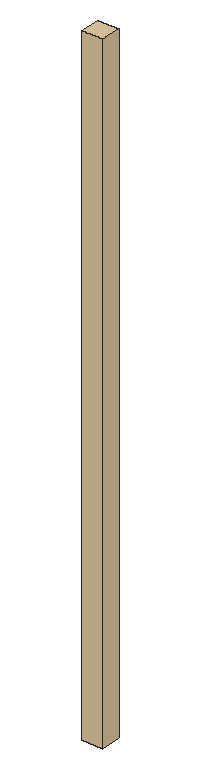
Revit family
Parameters (values of type "3 1/2 x 3 1/2")
  Column Material [instance] = Wood - Dimensional Lumber
  Assembly Code = "B10"
  b = 0' - 3 1/2"
  d = 0' - 3 1/2"
Types (3): name | b | d
  (no name) | 0' - 3 1/2" | 0' - 3 1/2"
  3 1/2 x 3 1/2 | 0' - 3 1/2" | 0' - 3 1/2"
  5 1/4 x 5 1/4 | 0' - 5 1/4" | 0' - 5 1/4"
Reference planes (in)
  plane 1 "Center (Front/Back)": y = 0
  plane 2: z = 0
  plane 3 "Center (Left/Right)": x = 0
  plane 4: x = -1.75
  plane 5: x = 1.75
  plane 6: y = 1.75
  plane 7: y = -1.75
Forms (in)
  Extrusion 1, solid, material "Wood - Dimensional Lumber" <- "Column Material", detail levels medium+fine
    sketch origin (0, 0, 0) x (1, 0, 0) y (0, 1, 0)
      loop
        line (-1.75, 1.75) -> (-1.75, -1.75) -> (1.75, -1.75) -> (1.75, 1.75) -> (-1.75, 1.75)
    from 0 to 108
Lines and regions (in)
  symbolic lines, style "StructuralColumnStickSymbols", detail levels coarse
    curve 1: line (-1.75, 1.75, 0) -> (1.75, 1.75, 0)
    curve 2: line (-1.75, -1.75, 0) -> (1.75, -1.75, 0)
    curve 3: line (-1.75, 1.75, 0) -> (-1.75, -1.75, 0)
    curve 4: line (1.75, 1.75, 0) -> (1.75, -1.75, 0)
Dimensions and locks (in)
  equal spacing: plane 4, plane 3 "Center (Left/Right)", plane 5
  equal spacing: plane 7, plane 1 "Center (Front/Back)", plane 6
  "d": plane 7 to plane 6
  "b": plane 4 to plane 5
  aligned and locked: plane 6 to Extrusion 1 sketch curve
  aligned and locked: Extrusion 1 sketch curve to plane 7
  aligned and locked: Extrusion 1 sketch curve to plane 4
  aligned and locked: plane 5 to Extrusion 1 sketch curve
  aligned and locked: level to Extrusion 1
  aligned and locked: level to plane 2
  aligned and locked: Extrusion 1 to plane 2
Automatic sketch dimensions
  curve 3 to plane 4 = 0' - 0"
  curve 4 to plane 5 = 0' - 0"
  curve 3 to plane 7 = 0' - 0"
  curve 3 to plane 6 = 0' - 0"
